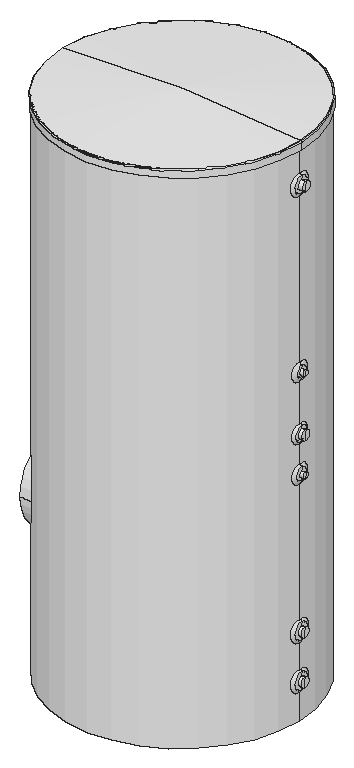
Revit family "WST-500-5B", category Specialty Equipment, Revit 2016
Family settings
  Part Type = Normal
  Round Connector Dimension = Use Diameter
  Work Plane-Based = No
  Always vertical = Yes
  Cut with Voids When Loaded = No
  Shared = No
  Room Calculation Point = No
Parameters (values of type "WST 500-5B")
  Versión = "1.0"  # constant formula
  URL = "www.bosch-thermotechnology.com/es/es/comercial-e-industrial/ocs/stora-w-st--5-742030-p"
  Tª máxima agua caliente = "95 ºC"
  Tiempo calentamiento con petencia nominal = "44 min"
  Temperatura máxima intercambiador = "160 ºC"
  Superficie intercambiador = ""
  Radio sonda = 19 mm / 2  # 9.5 mm
  Radio salida agua caliente = (25.4 mm + 6.4 mm) / 2  # 15.9 mm
  Radio retorno acumulador = (25.4 mm + 6.4 mm) / 2  # 15.9 mm
  Radio puerta = A Radio_deposito + 10 mm  # 435 mm
  Radio entrada agua fría = (25.4 mm + 6.4 mm) / 2  # 15.9 mm
  Radio circulación = 19.1 mm / 2  # 9.55 mm
  Radio Impulsión acumulador = (25.4 mm + 6.4 mm) / 2  # 15.9 mm
  Pérdida presión intercambiador (agua) = "350 mbar"
  Presión nominal máxima = "7,8 bar"
  Presión máxima intercambiador = "16 bar"
  Presión de servicio máxima del agua potable = "10 bar"
  Presión de prueba máxima del agua caliente = "10 bar"
  Potencia máxima de calentamiento = "66,4 kW"
  Potencia continua (80ºC imp./45ºC salida ACS/10ºC Suministro) = "66,4 kW"
  PlasticArea = Bosch_160-160-160
  Peso en vacío = "179 kg"
  Model = "WST 500-5B"
  Manufacturer = "BOSCH"  # constant formula
  J = 2300 mm
  I = 1731 mm
  H = 1128 mm
  G = 928 mm
  F = 292 mm
  E = 131 mm
  Description = "Interacumulador de agua caliente sanitaria de 500 litros de capacidad, modelo WST 500-5B"
  D Altura tanque = 1868 mm
  Contenido intercambiador = ""
  Contenido = "500 l"
  Consumo térmico según DIN 4753 = ""
  Conexión recirculación = "R3/4\""
  Conexión agua fría = "R1 1/4\""
  Conexión agua caliente = "R1 1/4\""
  Clase de eficiencia energética de caldeo = "B"
  Caudal máximo entrada agua fría = "50 l/min"
  Caudal agua intercambiador = "5900 l/h"
  Autor = "6d ingenieros"  # constant formula
  Agua caliente útil Tª salida 45 ºC = "833 l"
  Agua caliente útil Tª salida 40ºC = "714 l"
  A Radio_deposito = 850 mm / 2  # 425 mm
  C Altura patas [instance] = 12 mm
Reference planes
  plane 1 "Center (Front/Back)": y = 0
  plane 2: z = 0
  plane 3 "Center (Left/Right)": x = 0
  plane 4: z = 12
  plane 5: z = 1743
  plane 6: z = 1140
  plane 7: z = 940
  plane 8: z = 304
  plane 9: z = 143
  plane 10: z = 2300
Forms (mm)
  Extrusion 1, solid, material "Bosch_240-240-240"
    sketch origin (0, 0, 0) x (1, 0, 0) y (0, 1, 0)
      loop
        circle (0, 0) r 425
    from 12 to 1880
  Revolve 2, solid, material "Bosch_240-240-240"
    sketch origin (87.969, 0, 0) x (1, 0, 0) y (0, 0, 1)
      loop
        line (334.975, 159.866) -> (342.475, 159.866) -> (342.475, 171.4) -> (334.975, 183) -> (334.975, 159.866)
      loop
        line (334.975, 158.9) -> (334.975, 143) -> (355.478, 143) -> (355.478, 158.9) -> (334.975, 158.9)
      axis (334.975, 143) -> (355.478, 143)
    angle from 0 to 360
  Revolve 3, solid, material "Bosch_240-240-240"
    sketch origin (87.969, 0, 238) x (1, 0, 0) y (0, 0, 1)
      loop
        line (334.975, 82.866) -> (342.475, 82.866) -> (342.475, 94.4) -> (334.975, 106) -> (334.975, 82.866)
      loop
        line (334.975, 81.9) -> (334.975, 66) -> (355.478, 66) -> (355.478, 81.9) -> (334.975, 81.9)
      axis (334.975, 66) -> (355.478, 66)
    angle from 0 to 360
  Revolve 4, solid, material "Bosch_240-240-240"
    sketch origin (87.969, 0, 642) x (1, 0, 0) y (0, 0, 1)
      loop
        line (334.975, 314.866) -> (342.475, 314.866) -> (342.475, 323.044) -> (334.975, 332.835) -> (334.975, 314.866)
      loop
        line (334.975, 313.9) -> (334.975, 298) -> (357.62, 298) -> (357.62, 313.9) -> (334.975, 313.9)
      axis (334.975, 298) -> (357.62, 298)
    angle from 0 to 360
  Revolve 5, solid, material "Bosch_240-240-240"
    sketch origin (87.969, 0, 1275) x (1, 0, 0) y (0, 0, 1)
      loop
        line (334.975, 484.866) -> (342.475, 484.866) -> (342.475, 496.4) -> (334.975, 508) -> (334.975, 484.866)
      loop
        line (334.975, 483.9) -> (334.975, 468) -> (359.611, 468) -> (359.611, 483.9) -> (334.975, 483.9)
      axis (334.975, 468) -> (359.611, 468)
    angle from 0 to 360
  Revolve 6, solid, material "Bosch_240-240-240"
    sketch origin (0, 0, 375) x (1, 0, 0) y (0, 0, 1)
      loop
        line (0, 1479.681) -> (430, 1479.681) -> (430, 1502.378)
        arc (430, 1502.378) -> (429.153, 1504.632) -> (427.032, 1505.771) r 3.423
        arc (427.032, 1505.771) -> (213.969, 1525.592) -> (0, 1528.073) r 2637.089
        line (0, 1528.073) -> (0, 1479.681)
      axis (0, 1479.681) -> (0, 1528.073)
    angle from 0 to 360
  Extrusion 7, solid, material "Bosch_240-240-240"
    sketch origin (0, 0, 0) x (1, 0, 0) y (0, 1, 0)
      loop
        circle (-221, 0) r 52
      loop
        circle (108.875, 188.577) r 52
      loop
        circle (108.875, -188.577) r 52
    from 0 to 12
  Extrusion 8, solid, material "Bosch_160-160-160" <- "PlasticArea"
    sketch origin (-397.097, -1695.913, -1472.36) x (-0.00451, -0.000031, 0.99999) y (-0.006964, 0.999976, 0)
      loop
        circle (2915.573, 1756.393) r 16.5
      loop
        circle (2915.573, 1756.393) r 14.5
      loop
        arc (2925.722, 1762.795) -> (2915.573, 1768.393) -> (2905.424, 1762.795) r 12
        arc (2905.424, 1762.795) -> (2905.409, 1762.287) -> (2905.846, 1762.028) r 0.5
        line (2905.846, 1762.028) -> (2910.621, 1762.028) -> (2910.621, 1750.856) -> (2905.784, 1750.856)
        arc (2905.784, 1750.856) -> (2905.348, 1750.6) -> (2905.359, 1750.094) r 0.5
        arc (2905.359, 1750.094) -> (2915.573, 1744.393) -> (2925.787, 1750.094) r 12
        arc (2925.787, 1750.094) -> (2925.798, 1750.6) -> (2925.361, 1750.856) r 0.5
        line (2925.361, 1750.856) -> (2920.525, 1750.856) -> (2920.525, 1762.028) -> (2925.3, 1762.028)
        arc (2925.3, 1762.028) -> (2925.737, 1762.287) -> (2925.722, 1762.795) r 0.5
      loop
        line (2918.025, 1750.856) -> (2918.025, 1762.028) -> (2912.871, 1762.028) -> (2912.871, 1750.856) -> (2918.025, 1750.856)
      loop
        line (2909.206, 1764.114) -> (2921.958, 1764.114)
        arc (2921.958, 1764.114) -> (2915.582, 1766.408) -> (2909.206, 1764.114) r 10.01
      loop
        arc (2909.115, 1748.734) -> (2915.552, 1746.391) -> (2921.988, 1748.734) r 10.015
        line (2921.988, 1748.734) -> (2909.115, 1748.734)
      loop
        line (2904.189, 1723.669) -> (2904.189, 1711.064)
        arc (2904.189, 1711.064) -> (2908.987, 1705.609) -> (2915.01, 1709.671) r 5.5
        arc (2915.01, 1709.671) -> (2915.449, 1710.042) -> (2915.948, 1709.754) r 0.5
        arc (2915.948, 1709.754) -> (2922.122, 1706.692) -> (2926.439, 1712.064) r 5.5
        line (2926.439, 1712.064) -> (2926.439, 1723.669) -> (2904.189, 1723.669)
      loop
        line (2904.189, 1626.169) -> (2926.439, 1626.169) -> (2926.439, 1631.064) -> (2917.692, 1631.064) -> (2917.692, 1638.064) -> (2926.439, 1638.064) -> (2926.439, 1643.564) -> (2904.189, 1643.564) -> (2904.189, 1638.064) -> (2913.692, 1638.064) -> (2913.692, 1631.064) -> (2904.189, 1631.064) -> (2904.189, 1626.169)
      loop
        line (2921.692, 1718.564) -> (2917.692, 1718.564) -> (2917.692, 1714.064)
        arc (2917.692, 1714.064) -> (2919.692, 1712.064) -> (2921.692, 1714.064) r 2
        line (2921.692, 1714.064) -> (2921.692, 1718.564)
      loop
        line (2913.692, 1718.564) -> (2908.689, 1718.564) -> (2908.689, 1714.064)
        arc (2908.689, 1714.064) -> (2911.191, 1711.562) -> (2913.692, 1714.064) r 2.501
        line (2913.692, 1714.064) -> (2913.692, 1718.564)
      loop
        line (2918.904, 1650.377) -> (2921.767, 1645.947)
        spline (2921.767, 1645.947) -> (2924.895, 1649.011) -> (2926.367, 1652.953) -> (2925.927, 1657.092) -> (2923.653, 1660.713) -> (2919.937, 1663.189) -> (2915.422, 1664.093) -> (2910.888, 1663.267) -> (2907.119, 1660.856) -> (2904.768, 1657.276) -> (2904.239, 1653.145) -> (2905.626, 1649.178) -> (2908.687, 1646.061)
        line (2908.687, 1646.061) -> (2911.812, 1650.332)
        spline (2911.812, 1650.332) -> (2909.924, 1651.808) -> (2908.998, 1653.751) -> (2909.196, 1655.815) -> (2910.485, 1657.632) -> (2912.635, 1658.879) -> (2915.262, 1659.332) -> (2917.898, 1658.912) -> (2920.074, 1657.693) -> (2921.402, 1655.893) -> (2921.645, 1653.831) -> (2920.759, 1651.877) -> (2918.904, 1650.377)
      loop
        spline (2904.189, 1694.564) -> (2904.568, 1691.975) -> (2905.68, 1689.564) -> (2907.448, 1687.493) -> (2909.752, 1685.903) -> (2912.435, 1684.904) -> (2915.314, 1684.564) -> (2918.194, 1684.904) -> (2920.877, 1685.903) -> (2923.181, 1687.493) -> (2924.949, 1689.564) -> (2926.06, 1691.975) -> (2926.439, 1694.564)
        spline (2926.439, 1694.564) -> (2926.06, 1697.152) -> (2924.949, 1699.564) -> (2923.181, 1701.635) -> (2920.877, 1703.224) -> (2918.194, 1704.223) -> (2915.314, 1704.564) -> (2912.435, 1704.223) -> (2909.752, 1703.224) -> (2907.448, 1701.635) -> (2905.68, 1699.564) -> (2904.568, 1697.152) -> (2904.189, 1694.564)
      loop
        spline (2908.936, 1694.564) -> (2909.154, 1693.338) -> (2909.791, 1692.196) -> (2910.804, 1691.216) -> (2912.125, 1690.463) -> (2913.663, 1689.99) -> (2915.314, 1689.829) -> (2916.965, 1689.99) -> (2918.503, 1690.463) -> (2919.824, 1691.216) -> (2920.838, 1692.196) -> (2921.475, 1693.338) -> (2921.692, 1694.564)
        spline (2921.692, 1694.564) -> (2921.475, 1695.789) -> (2920.838, 1696.931) -> (2919.824, 1697.912) -> (2918.503, 1698.664) -> (2916.965, 1699.137) -> (2915.314, 1699.298) -> (2913.663, 1699.137) -> (2912.125, 1698.664) -> (2910.804, 1697.912) -> (2909.791, 1696.931) -> (2909.154, 1695.789) -> (2908.936, 1694.564)
      loop
        line (2920.044, 1669.973) -> (2923.326, 1666.69)
        spline (2923.326, 1666.69) -> (2923.803, 1667.235) -> (2924.244, 1667.811) -> (2924.65, 1668.414) -> (2925.017, 1669.043) -> (2925.345, 1669.695) -> (2925.632, 1670.367) -> (2925.876, 1671.057) -> (2926.078, 1671.762) -> (2926.235, 1672.478) -> (2926.349, 1673.203) -> (2926.417, 1673.935) -> (2926.439, 1674.669)
        spline (2926.439, 1674.669) -> (2925.183, 1678.841) -> (2923.495, 1680.911) -> (2921.713, 1681.899) -> (2919.832, 1682.202) -> (2918.073, 1681.899) -> (2916.453, 1680.963) -> (2915.059, 1679.233) -> (2914, 1676.685) -> (2913.231, 1674.13) -> (2912.5, 1672.296) -> (2911.212, 1671.268) -> (2908.973, 1672.704)
        spline (2908.973, 1672.704) -> (2908.813, 1673.366) -> (2908.718, 1674.04) -> (2908.689, 1674.719) -> (2908.728, 1675.399) -> (2908.832, 1676.071) -> (2909.002, 1676.73) -> (2909.236, 1677.37) -> (2909.531, 1677.984) -> (2909.885, 1678.567) -> (2910.294, 1679.113) -> (2910.755, 1679.618) -> (2911.262, 1680.075)
        line (2911.262, 1680.075) -> (2908.245, 1683.549)
        spline (2908.245, 1683.549) -> (2907.482, 1682.836) -> (2906.785, 1682.053) -> (2906.162, 1681.207) -> (2905.617, 1680.305) -> (2905.155, 1679.355) -> (2904.78, 1678.365) -> (2904.494, 1677.344) -> (2904.302, 1676.299) -> (2904.203, 1675.241) -> (2904.199, 1674.177) -> (2904.291, 1673.118) -> (2904.477, 1672.072)
        spline (2904.477, 1672.072) -> (2905.432, 1669.79) -> (2906.707, 1668.257) -> (2908.098, 1667.308) -> (2909.46, 1666.796) -> (2910.751, 1666.606) -> (2911.941, 1666.628) -> (2913.007, 1666.803) -> (2913.938, 1667.111) -> (2914.797, 1667.63) -> (2915.742, 1668.573) -> (2916.789, 1670.327) -> (2917.692, 1673.565)
        spline (2917.692, 1673.565) -> (2917.908, 1674.592) -> (2918.247, 1675.4) -> (2918.664, 1676.008) -> (2919.114, 1676.44) -> (2919.553, 1676.717) -> (2919.961, 1676.86) -> (2920.347, 1676.892) -> (2920.718, 1676.834) -> (2921.082, 1676.704) -> (2921.409, 1676.419) -> (2921.635, 1675.802) -> (2921.692, 1674.669)
        spline (2921.692, 1674.669) -> (2921.68, 1674.24) -> (2921.644, 1673.813) -> (2921.585, 1673.389) -> (2921.502, 1672.97) -> (2921.395, 1672.558) -> (2921.266, 1672.153) -> (2921.114, 1671.757) -> (2920.941, 1671.373) -> (2920.746, 1671.001) -> (2920.531, 1670.643) -> (2920.297, 1670.299) -> (2920.044, 1669.973)
    from -5.549 to 3.943
  Revolve 9, solid, material "Bosch_240-240-240"
    sketch origin (87.969, 0, 512) x (1, 0, 0) y (0, 0, 1)
      loop
        line (334.975, 308.466) -> (342.475, 308.466) -> (342.475, 320) -> (334.975, 332.99) -> (334.975, 308.466)
      loop
        line (334.975, 307.5) -> (334.975, 298) -> (357.378, 298) -> (357.378, 307.5) -> (334.975, 307.5)
      axis (334.975, 298) -> (357.378, 298)
    angle from 0 to 360
  Extrusion 10, solid, material "Bosch_240-240-240"
    sketch origin (0, 0, 0) x (0, 1, 0) y (0, 0, 1)
      loop
        circle (13.106, 476.373) r 145.205
    from -477.407 to -347.09
  Revolve 11, solid, material "Bosch_240-240-240"
    sketch origin (87.969, 0, 842) x (1, 0, 0) y (0, 0, 1)
      loop
        line (334.975, 308.516) -> (342.475, 308.516) -> (342.475, 316.694) -> (334.975, 332.835) -> (334.975, 308.516)
      loop
        line (334.975, 307.55) -> (334.975, 298) -> (357.62, 298) -> (357.62, 307.55) -> (334.975, 307.55)
      axis (334.975, 298) -> (357.62, 298)
    angle from 0 to 360
Dimensions and locks
  "C Altura patas": plane 4 to level
  "D Altura tanque": Extrusion 1 to plane 4
  "J": plane 10 to plane 2
  "E": plane 9 to plane 4
  "F": plane 8 to plane 4
  "G": plane 7 to plane 4
  "H": plane 6 to plane 4
  "I": plane 5 to plane 4
  locked: plane 7 to Revolve 9 sketch curve at 130
  "Radio salida agua caliente": Revolve 5 sketch curve to plane 5
  locked: Revolve 5 sketch curve to Revolve 5 sketch curve at 0.966
  "Radio Impulsión acumulador": Revolve 4 sketch curve to plane 7
  locked: Revolve 4 sketch curve to Revolve 4 sketch curve at 0.966
  "Radio entrada agua fría": Revolve 2 sketch curve to plane 9
  locked: Revolve 2 sketch curve to Revolve 2 sketch curve at 0.966
  locked: Revolve 9 sketch curve to Revolve 9 sketch curve at 0.966
  "Radio sonda": Revolve 9 sketch curve to Revolve 9 sketch curve
  "Radio retorno acumulador": Revolve 3 sketch curve to plane 8
  locked: Revolve 3 sketch curve to Revolve 3 sketch curve at 0.966
  locked: Revolve 11 sketch curve to Revolve 11 sketch curve at 0.966
  "Radio circulación": Revolve 11 sketch curve to plane 6
  locked: Revolve 11 sketch curve to plane 6 at 34.835
  "A Radio_deposito": radius of Extrusion 1 sketch curve
  aligned and locked: level to plane 2
  aligned and locked: Extrusion 1 to plane 4
  aligned and locked: Revolve 2 sketch curve to plane 9
  aligned and locked: Revolve 3 sketch curve to plane 8
  aligned and locked: Revolve 4 sketch curve to plane 7
  aligned and locked: Revolve 5 sketch curve to plane 5
  aligned and locked: Extrusion 7 to Extrusion 1
  aligned and locked: Extrusion 7 to level
  aligned and locked: Revolve 9 sketch curve to Revolve 9 sketch curve
Automatic sketch dimensions
  Revolve 6 sketch curve to plane 3 "Center (Left/Right)" = 0 mm  (x2)
  plane 3 "Center (Left/Right)" to Revolve 6 sketch curve = 76.43 mm
  plane 5 to Revolve 6 sketch curve = 134.378 mm
  plane 3 "Center (Left/Right)" to Revolve 6 sketch curve = 426.577 mm
  Revolve 6 sketch curve to Revolve 6 sketch curve = 3.423 mm
  Revolve 6 sketch curve to Revolve 6 sketch curve = 22.697 mm
  Revolve 6 sketch curve to level = 732.908 mm
  Revolve 6 sketch curve to Revolve 6 sketch curve = 48.392 mm
  plane 5 to Revolve 6 sketch curve = 51.681 mm
  Revolve 6 sketch curve to Revolve 6 sketch curve = 111.608 mm
  plane 1 "Center (Front/Back)" to Extrusion 7 sketch curve = 0 mm
  Extrusion 7 sketch curve to plane 3 "Center (Left/Right)" = 221 mm
  plane 3 "Center (Left/Right)" to Extrusion 7 sketch curve = 108.875 mm  (x2)
  plane 1 "Center (Front/Back)" to Extrusion 7 sketch curve = 188.577 mm
  Extrusion 7 sketch curve to plane 1 "Center (Front/Back)" = 188.577 mm
  Extrusion 8 sketch curve to Extrusion 8 sketch curve = 0 mm  (x27)
  Extrusion 8 sketch curve to Extrusion 8 sketch curve = 0.287 mm  (x2)
  Extrusion 8 sketch curve to Extrusion 8 sketch curve = 1.595 mm
  Extrusion 8 sketch curve to Extrusion 8 sketch curve = 0.062 mm
  Extrusion 8 sketch curve to Extrusion 8 sketch curve = 3.768 mm
  Extrusion 8 sketch curve to Extrusion 8 sketch curve = 4.498 mm
  Extrusion 8 sketch curve to Extrusion 8 sketch curve = 4.5 mm  (x2)
  Extrusion 8 sketch curve to Extrusion 8 sketch curve = 4.497 mm
  Extrusion 8 sketch curve to Extrusion 8 sketch curve = 3.331 mm
  Extrusion 8 sketch curve to Extrusion 8 sketch curve = 3.359 mm
  Extrusion 8 sketch curve to Extrusion 8 sketch curve = 1 mm
  Extrusion 8 sketch curve to Extrusion 8 sketch curve = 1.506 mm
  Extrusion 8 sketch curve to Extrusion 8 sketch curve = 2.501 mm
  Extrusion 8 sketch curve to Extrusion 8 sketch curve = 3.018 mm
  Extrusion 8 sketch curve to Extrusion 8 sketch curve = 3.124 mm
  Extrusion 8 sketch curve to Extrusion 8 sketch curve = 2.25 mm
  Extrusion 8 sketch curve to Extrusion 8 sketch curve = 5.005 mm
  Extrusion 8 sketch curve to Extrusion 8 sketch curve = 1.801 mm
  Extrusion 8 sketch curve to Extrusion 8 sketch curve = 2.681 mm
  Extrusion 8 sketch curve to Extrusion 8 sketch curve = 0.021 mm
  Extrusion 8 sketch curve to Extrusion 8 sketch curve = 0.009 mm
  Extrusion 8 sketch curve to Extrusion 8 sketch curve = 8.719 mm
  Extrusion 8 sketch curve to Extrusion 8 sketch curve = 4 mm  (x3)
  Extrusion 8 sketch curve to Extrusion 8 sketch curve = 3.963 mm
  Extrusion 8 sketch curve to Extrusion 8 sketch curve = 7.092 mm
  Extrusion 8 sketch curve to Extrusion 8 sketch curve = 2 mm  (x2)
  Extrusion 8 sketch curve to Extrusion 8 sketch curve = 2.351 mm
  Extrusion 8 sketch curve to Extrusion 8 sketch curve = 2.5 mm
  Extrusion 8 sketch curve to Extrusion 8 sketch curve = 0.753 mm
  Extrusion 8 sketch curve to Extrusion 8 sketch curve = 2.863 mm
  Extrusion 8 sketch curve to Extrusion 8 sketch curve = 3.282 mm  (x2)
  Extrusion 8 sketch curve to Extrusion 8 sketch curve = 3.341 mm
  Extrusion 8 sketch curve to Extrusion 8 sketch curve = 3.374 mm
  Extrusion 8 sketch curve to Extrusion 8 sketch curve = 8.747 mm
  Extrusion 8 sketch curve to Extrusion 8 sketch curve = 4.747 mm  (x4)
  Extrusion 8 sketch curve to Extrusion 8 sketch curve = 4.672 mm
  Extrusion 8 sketch curve to Extrusion 8 sketch curve = 4.895 mm
  Extrusion 8 sketch curve to Extrusion 8 sketch curve = 7 mm
  Extrusion 8 sketch curve to Extrusion 8 sketch curve = 5.5 mm
  Extrusion 8 sketch curve to Extrusion 8 sketch curve = 2.384 mm
  Extrusion 8 sketch curve to Extrusion 8 sketch curve = 2.497 mm
  Extrusion 8 sketch curve to Extrusion 8 sketch curve = 4.271 mm
  Extrusion 8 sketch curve to Extrusion 8 sketch curve = 4.43 mm
  Extrusion 8 sketch curve to Extrusion 8 sketch curve = 16.313 mm
  Extrusion 8 sketch curve to Extrusion 8 sketch curve = 2.1 mm
  Extrusion 8 sketch curve to Extrusion 8 sketch curve = 0.632 mm
  Extrusion 8 sketch curve to Extrusion 8 sketch curve = 3.592 mm
  Extrusion 8 sketch curve to Extrusion 8 sketch curve = 4.696 mm
  Extrusion 8 sketch curve to Extrusion 8 sketch curve = 1.104 mm
  Extrusion 8 sketch curve to Extrusion 8 sketch curve = 5.406 mm
  Extrusion 8 sketch curve to Extrusion 8 sketch curve = 3.474 mm
  Extrusion 8 sketch curve to Extrusion 8 sketch curve = 25.996 mm
  Extrusion 8 sketch curve to Extrusion 8 sketch curve = 1.519 mm
  Extrusion 8 sketch curve to Extrusion 8 sketch curve = 2.519 mm
  Extrusion 8 sketch curve to Extrusion 8 sketch curve = 3 mm
  Extrusion 8 sketch curve to Extrusion 8 sketch curve = 5.105 mm
  Extrusion 8 sketch curve to Extrusion 8 sketch curve = 25.065 mm
  Extrusion 8 sketch curve to Extrusion 8 sketch curve = 1.623 mm  (x2)
  Extrusion 8 sketch curve to Extrusion 8 sketch curve = 2.123 mm  (x2)
  Extrusion 8 sketch curve to Extrusion 8 sketch curve = 5.536 mm
  Extrusion 8 sketch curve to Extrusion 8 sketch curve = 0.005 mm
  Extrusion 8 sketch curve to Extrusion 8 sketch curve = 0.013 mm
  Extrusion 8 sketch curve to Extrusion 8 sketch curve = 5.63 mm
  Extrusion 8 sketch curve to Extrusion 8 sketch curve = 5.622 mm
  Extrusion 8 sketch curve to Extrusion 8 sketch curve = 0.5 mm  (x2)
  Extrusion 8 sketch curve to Extrusion 8 sketch curve = 2.086 mm
  Extrusion 8 sketch curve to Extrusion 8 sketch curve = 4.056 mm
  Extrusion 8 sketch curve to Extrusion 8 sketch curve = 7.622 mm
  Extrusion 8 sketch curve to Extrusion 8 sketch curve = 0.284 mm
  Extrusion 8 sketch curve to Extrusion 8 sketch curve = 0.247 mm
  Extrusion 8 sketch curve to Extrusion 8 sketch curve = 6.378 mm
  Extrusion 8 sketch curve to Extrusion 8 sketch curve = 3.503 mm
  Extrusion 8 sketch curve to Extrusion 8 sketch curve = 0.433 mm
  Extrusion 8 sketch curve to Extrusion 8 sketch curve = 11.015 mm
  Extrusion 10 sketch curve to plane 1 "Center (Front/Back)" = 13.106 mm
  plane 8 to Extrusion 10 sketch curve = 172.373 mm
  plane 1 "Center (Front/Back)" to Extrusion 1 sketch curve = 0 mm
  Extrusion 1 sketch curve to plane 3 "Center (Left/Right)" = 0 mm
  Revolve 2 sketch curve to plane 9 = 0 mm
  plane 9 to Revolve 2 sketch curve = 40 mm
  plane 3 "Center (Left/Right)" to Revolve 2 sketch curve = 422.944 mm
  Revolve 2 sketch curve to Revolve 2 sketch curve = 0 mm
  Revolve 2 sketch curve to Revolve 2 sketch curve = 7.5 mm
  Revolve 2 sketch curve to Revolve 2 sketch curve = 13.002 mm
  Revolve 2 sketch curve to Revolve 2 sketch curve = 11.534 mm
  Revolve 2 sketch curve to Revolve 2 sketch curve = 5 mm
  Revolve 2 sketch curve to Revolve 2 sketch curve = 24.498 mm
  Revolve 3 sketch curve to plane 8 = 0 mm
  plane 8 to Revolve 3 sketch curve = 40 mm
  plane 3 "Center (Left/Right)" to Revolve 3 sketch curve = 422.944 mm
  Revolve 3 sketch curve to Revolve 3 sketch curve = 0 mm
  Revolve 3 sketch curve to Revolve 3 sketch curve = 7.5 mm
  Revolve 3 sketch curve to Revolve 3 sketch curve = 13.002 mm
  Revolve 3 sketch curve to Revolve 3 sketch curve = 11.534 mm
  Revolve 3 sketch curve to Revolve 3 sketch curve = 5 mm
  Revolve 3 sketch curve to Revolve 3 sketch curve = 24.498 mm
  Revolve 4 sketch curve to plane 7 = 0 mm
  plane 7 to Revolve 4 sketch curve = 34.835 mm
  plane 3 "Center (Left/Right)" to Revolve 4 sketch curve = 422.944 mm
  Revolve 4 sketch curve to Revolve 4 sketch curve = 0 mm
  Revolve 4 sketch curve to Revolve 4 sketch curve = 7.5 mm
  Revolve 4 sketch curve to Revolve 4 sketch curve = 15.144 mm
  Revolve 4 sketch curve to Revolve 4 sketch curve = 8.178 mm
  Revolve 4 sketch curve to Revolve 4 sketch curve = 5 mm
  Revolve 4 sketch curve to Revolve 4 sketch curve = 22.356 mm
  Revolve 5 sketch curve to plane 5 = 0 mm
  plane 5 to Revolve 5 sketch curve = 40 mm
  plane 3 "Center (Left/Right)" to Revolve 5 sketch curve = 422.944 mm
  Revolve 5 sketch curve to Revolve 5 sketch curve = 0 mm
  Revolve 5 sketch curve to Revolve 5 sketch curve = 7.5 mm
  Revolve 5 sketch curve to Revolve 5 sketch curve = 17.136 mm
  Revolve 5 sketch curve to Revolve 5 sketch curve = 11.534 mm
  Revolve 5 sketch curve to Revolve 5 sketch curve = 5 mm
  Revolve 5 sketch curve to Revolve 5 sketch curve = 20.364 mm
  Revolve 9 sketch curve to plane 7 = 95.01 mm
  plane 3 "Center (Left/Right)" to Revolve 9 sketch curve = 422.944 mm
  Revolve 9 sketch curve to Revolve 9 sketch curve = 0 mm
  Revolve 9 sketch curve to Revolve 9 sketch curve = 7.5 mm
  Revolve 9 sketch curve to Revolve 9 sketch curve = 14.903 mm
  Revolve 9 sketch curve to Revolve 9 sketch curve = 11.534 mm
  Revolve 9 sketch curve to Revolve 9 sketch curve = 5 mm
  Revolve 9 sketch curve to Revolve 9 sketch curve = 22.597 mm
  Revolve 11 sketch curve to plane 6 = 0 mm  (x2)
  plane 3 "Center (Left/Right)" to Revolve 11 sketch curve = 422.944 mm
  Revolve 11 sketch curve to Revolve 11 sketch curve = 0 mm
  Revolve 11 sketch curve to Revolve 11 sketch curve = 7.5 mm
  Revolve 11 sketch curve to Revolve 11 sketch curve = 15.144 mm
  Revolve 11 sketch curve to Revolve 11 sketch curve = 8.178 mm
  Revolve 11 sketch curve to Revolve 11 sketch curve = 5 mm
  Revolve 11 sketch curve to Revolve 11 sketch curve = 22.356 mm
  radius of Extrusion 7 sketch curve = 52 mm  (x3)
  radius of Extrusion 8 sketch curve = 16.5 mm
  radius of Extrusion 8 sketch curve = 14.5 mm
  radius of Extrusion 10 sketch curve = 145.205 mm
Connectors
  piping at (447.58, 0, 1743), diameter 31.8
    settings: on Revolve 5, index 1, connector inside diameter 609.6 mm, connector length 0 mm, flow factor 0, pipe flow 0.0 L/s, pressure drop 0.0 Pa, fitting loss kfactor 0, connector angle 0.00°, fixture units 0, engagement length 0 mm, angle of deflection 0.00°, flow configuration 0, flow direction 2, fitting loss method 0, system type 19, joint type 0, gender type 0, connector reference index -1, connector utility 0, adjustable connector no, is connector primary yes, connector description "Salida agua caliente"
  piping at (445.588, 0, 940), diameter 31.8
    settings: on Revolve 4, index 3, connector inside diameter 609.6 mm, connector length 0 mm, flow factor 0, pipe flow 0.0 L/s, pressure drop 0.0 Pa, fitting loss kfactor 0, connector angle 0.00°, fixture units 0, engagement length 0 mm, angle of deflection 0.00°, flow configuration 0, flow direction 1, fitting loss method 0, system type 7, joint type 0, gender type 0, connector reference index -1, connector utility 0, adjustable connector no, is connector primary no, connector description "Impulsión intercambiador"
  piping at (443.446, 0, 304), diameter 31.8
    settings: on Revolve 3, index 5, connector inside diameter 609.6 mm, connector length 0 mm, flow factor 0, pipe flow 0.0 L/s, pressure drop 0.0 Pa, fitting loss kfactor 0, connector angle 0.00°, fixture units 0, engagement length 0 mm, angle of deflection 0.00°, flow configuration 0, flow direction 2, fitting loss method 0, system type 8, joint type 0, gender type 0, connector reference index -1, connector utility 0, adjustable connector no, is connector primary no, connector description "Retorno intercambiador"
  piping at (443.446, 0, 143), diameter 31.8
    settings: on Revolve 2, index 6, connector inside diameter 609.6 mm, connector length 0 mm, flow factor 0, pipe flow 0.0 L/s, pressure drop 0.0 Pa, fitting loss kfactor 0, connector angle 0.00°, fixture units 0, engagement length 0 mm, angle of deflection 0.00°, flow configuration 0, flow direction 1, fitting loss method 0, system type 20, joint type 0, gender type 0, connector reference index -1, connector utility 0, adjustable connector no, is connector primary no, connector description "Entrada agua fría"
  piping at (445.588, 0, 1140), diameter 19.1
    settings: on Revolve 11, index 7, connector inside diameter 609.6 mm, connector length 0 mm, flow factor 0, pipe flow 0.0 L/s, pressure drop 0.0 Pa, fitting loss kfactor 0, connector angle 0.00°, fixture units 0, engagement length 0 mm, angle of deflection 0.00°, flow configuration 0, flow direction 1, fitting loss method 0, system type 22, joint type 0, gender type 0, connector reference index -1, connector utility 0, adjustable connector no, is connector primary no, connector description "Recirculación ACS"
